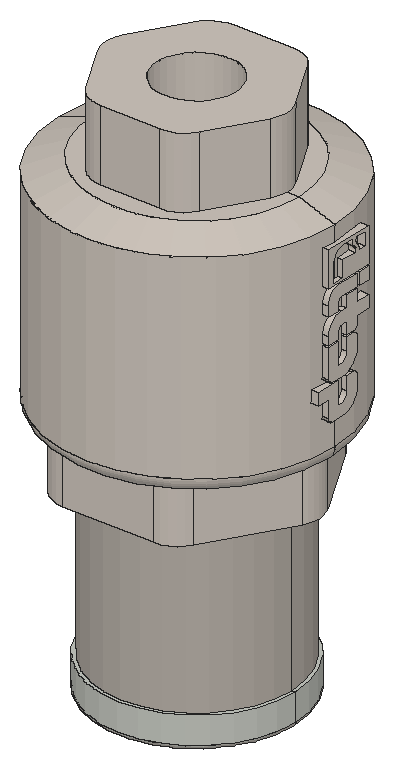
Revit family "108", category Pipe Accessories, Revit 2019
Family settings
  Round Connector Dimension = Use Diameter
  Part Type = Valve - Normal
  OmniClass Number = 23.45.00.00
  OmniClass Title = Sanitary, Laundry, and Cleaning Equipment
  Work Plane-Based = No
  Always vertical = Yes
  Cut with Voids When Loaded = No
  Shared = No
Parameters
  Washer = "NBR"
  URL = "https://www.itap.it/en/products/valves/check-and-foot-valves/108/"
  Strainer = "Polymer and stainless steel AISI 304"
  Spring = "Stainless steel AISI 302"
  Plate = "Polymer"  # constant formula
  Pin = "Polymer"
  Manufacturer = "ITAP S.p.A."  # constant formula
  Model = "108"
  LBS - psi [instance] = size_lookup(CSV, "LBS - psi", 0 mm, DN)  # 174 mm
  Kg/cm2 bar [instance] = size_lookup(CSV, "Kg/cm2 bar", 0 mm, DN)  # 12 mm
  H6 [instance] = size_lookup(CSV, "H6", 0 mm, DN)  # 37.7 mm
  H5 [instance] = size_lookup(CSV, "H5", 0 mm, DN)  # 4 mm
  H4 [instance] = size_lookup(CSV, "H4", 0 mm, DN)  # 7 mm
  H3 [instance] = size_lookup(CSV, "H3", 0 mm, DN)  # 1.7 mm
  D [instance] = size_lookup(CSV, "D", 0 mm, DN)  # 12.5 mm
  Bolt 8 [instance] = not(Bolt 6)  # no
  Bolt 6 [instance] = if(DN < 21 mm, 2 > 1, 2 < 1)  # yes
  Body = Brass CW617N
  Description = "YORK CHECK AND FOOT VALVES"  # constant formula
  DN [instance] = 10 mm
  Code [instance] = size_lookup(CSV, "", "-", DN)  # "1080038"
  CSV = "ITAP"
  B5 [instance] = (B / 2) - 0.6 mm  # 16.9 mm
  B4 [instance] = size_lookup(CSV, "B4", 0 mm, DN)  # 12 mm
  B3 [instance] = size_lookup(CSV, "B3", 0 mm, DN)  # 28 mm
  H2 [instance] = size_lookup(CSV, "H2", 0 mm, DN)  # 9 mm
  B2 [instance] = size_lookup(CSV, "B2", 0 mm, DN)  # 13.1 mm
  B1 [instance] = size_lookup(CSV, "B1", 0 mm, DN)  # 21 mm
  B [instance] = size_lookup(CSV, "B", 0 mm, DN)  # 35 mm
  A [instance] = size_lookup(CSV, "A", 0 mm, DN)  # 69.5 mm
Reference planes
  plane 1 "Centro (Fronte/Retro)": y = 0
  plane 2: z = 0
  plane 3 "Centro (Sinistra/Destra)": x = 0
  plane 4: x = -17.5
  plane 5: x = 17.5
  plane 6: z = 34.75
  plane 7: z = -34.75
  plane 8: x = -10.5
  plane 9: x = 10.5
  plane 10: z = -2.95
  plane 11: x = -12
  plane 12: y = -17.5
  plane 13: y = 17.5
  plane 14: z = 24.05
  plane 15: x = -13.1
  plane 16: z = 25.75
  plane 17: z = -9.95
  plane 18: z = -30.75
  plane 19: x = -12.5
  plane 20: z = 11.4
  plane 21: x = 16.9
  plane 22: x = -5
  plane 23: x = 5
Forms (mm)
  Revolve 1, solid, material "Brass CW617N", detail levels fine
    sketch origin (0, 0, 0) x (1, 0, 0) y (0, 0, 1)
      loop
        line (-17.5, 24.05) -> (-17.5, -1.152)
        arc (-17.5, -1.152) -> (-16.973, -2.423) -> (-15.702, -2.95) r 1.798
        line (-15.702, -2.95) -> (0, -2.95) -> (0, 25.75) -> (-13.1, 25.75) -> (-17.5, 24.05)
      axis (0, 25.75) -> (0, -2.95)
    angle from 0 to 360
  Revolve 2, solid, material "Body MATERIAL", detail levels fine
    sketch origin (0, 0, 0) x (1, 0, 0) y (0, 0, 1)
      loop
        line (-12, -9.95) -> (-12, -30.75) -> (-5, -30.75) -> (-5, -9.95) -> (-12, -9.95)
      axis (0, -30.75) -> (0, -9.95)
    angle from 0 to 360
  Revolve 3, solid, material "Bottom cap", detail levels fine
    sketch origin (0, 0, 0) x (1, 0, 0) y (0, 0, 1)
      loop
        line (-5, -30.75) -> (-12.5, -30.75) -> (-12.5, -34.204)
        arc (-12.5, -34.204) -> (-12.34, -34.59) -> (-11.954, -34.75) r 0.546
        line (-11.954, -34.75) -> (-5, -34.75) -> (-5, -30.75)
      axis (0, -34.75) -> (0, -30.75)
    angle from 0 to 360
Lines and regions (mm)
  model lines, detail levels coarse+medium
    curve 1: line (0, -17.5, 19.737) -> (0, 17.5, 19.737)
    curve 2: line (0, -17.5, 19.737) -> (0, -17.5, -19.737)
    curve 3: line (0, -17.5, -19.737) -> (0, 17.5, -19.737)
    curve 4: line (0, 17.5, 19.737) -> (0, 17.5, -19.737)
    curve 5: line (0, 17.5, -19.737) -> (0, -17.5, 19.737)
    curve 6: line (0, -17.5, 22.75) -> (0, 17.5, 22.75)
    curve 7: line (0, -17.5, -22.75) -> (0, 17.5, -22.75)
    curve 8: line (0, 0, 22.75) -> (0, 0, 34.75)
    curve 9: line (0, 0, -22.75) -> (0, 0, -34.75)
Dimensions and locks
  equal spacing: plane 5, plane 3 "Centro (Sinistra/Destra)", plane 4
  equal spacing: plane 6, level, plane 7
  "B": plane 5 to plane 4
  "A": plane 6 to plane 7
  equal spacing: plane 9, plane 3 "Centro (Sinistra/Destra)", plane 8
  "B1": plane 9 to plane 8
  "B4": plane 3 "Centro (Sinistra/Destra)" to plane 11
  equal spacing: plane 12, plane 1 "Centro (Fronte/Retro)", plane 13
  "B": plane 12 to plane 13
  locked: curve 1 to curve 6 at 3.013
  locked: curve 7 to curve 3 at 3.013
  "B4": curve 6 to plane 6
  "B4": plane 7 to curve 7
  "B2": plane 15 to plane 3 "Centro (Sinistra/Destra)"
  "H3": plane 16 to plane 14
  "H2": plane 6 to plane 16
  "H4": plane 10 to plane 17
  "H5": plane 18 to plane 7
  "D": plane 3 "Centro (Sinistra/Destra)" to plane 19
  "H6": plane 6 to plane 10
  locked: Revolve 3 sketch curve to Revolve 3 sketch curve at 0.772
  locked: Revolve 1 sketch curve to Revolve 1 sketch curve at 2.542
  equal spacing: plane 16, plane 20, plane 10
  "B5": plane 3 "Centro (Sinistra/Destra)" to plane 21
  equal spacing: plane 23, plane 3 "Centro (Sinistra/Destra)", plane 22
  "DN": plane 23 to plane 22
  aligned and locked: level to plane 2
  aligned and locked: Revolve 1 sketch curve to plane 3 "Centro (Sinistra/Destra)"  (x2)
  aligned and locked: Revolve 1 sketch curve to plane 4
  aligned and locked: Revolve 2 sketch curve to plane 11
  aligned and locked: plane 12 to curve 2
  aligned and locked: curve 4 to plane 13
  aligned and locked: plane 6 to curve 8
  aligned and locked: curve 6 to curve 8
  aligned and locked: plane 7 to curve 9
  aligned and locked: plane 15 to Revolve 1 sketch curve
  aligned and locked: plane 14 to Revolve 1 sketch curve
  aligned and locked: plane 10 to Revolve 1 sketch curve
  aligned and locked: Revolve 1 sketch curve to plane 16
  aligned and locked: Revolve 2 sketch curve to plane 18
  aligned and locked: Revolve 2 sketch curve to plane 17
  aligned and locked: plane 18 to Revolve 3 sketch curve
  aligned and locked: Revolve 3 sketch curve to plane 7
  aligned and locked: plane 19 to Revolve 3 sketch curve
  aligned and locked: plane 6 to nested 1
  aligned and locked: plane 10 to nested 2
  aligned and locked: plane 10 to nested 4
  aligned and locked: plane 6 to nested 3
  aligned and locked: nested 5 to plane 1 "Centro (Fronte/Retro)"
  aligned and locked: nested 5 to plane 20
  aligned and locked: plane 22 to Revolve 2 sketch curve
  aligned and locked: Revolve 3 sketch curve to plane 22
  aligned and locked: plane 5 to nested 5
Automatic sketch dimensions
  Revolve 2 sketch curve to plane 3 "Centro (Sinistra/Destra)" = 0 mm
  Revolve 2 sketch curve to Revolve 2 sketch curve = 3.094 mm
  Revolve 2 sketch curve to Revolve 2 sketch curve = 2.75 mm
  curve 7 to plane 12 = 0 mm
  curve 6 to plane 12 = 0 mm
  curve 9 to plane 1 "Centro (Fronte/Retro)" = 0 mm
  curve 8 to plane 1 "Centro (Fronte/Retro)" = 0 mm
  curve 7 to plane 13 = 0 mm
  curve 6 to plane 13 = 0 mm
  level to Revolve 1 sketch curve = 0.048 mm
  Revolve 1 sketch curve to Revolve 1 sketch curve = 1 mm
  Revolve 3 sketch curve to plane 3 "Centro (Sinistra/Destra)" = 0 mm
  Revolve 3 sketch curve to plane 7 = 0.715 mm
  Revolve 3 sketch curve to Revolve 3 sketch curve = 5.594 mm
Nested families
  nested 1: "BOLT6" at (-65.748, -132.31, 25.75) x (0.866, 0.5, 0) z (0, 0, 1), d <- "B1", H <- "H2", visible <- "Bolt 6", body <- "Body", G <- "DN", type "BOLT6", detail levels fine
    with d 21 mm, body Brass CW617N, H 9 mm, G 10 mm
  nested 2: "BOLT6" at (-65.748, -132.31, -9.95) x (0.866, 0.5, 0) z (0, 0, 1), d <- "B3", H <- "H4", visible <- "Bolt 6", body <- "Body", type "BOLT6", detail levels fine
    with d 28 mm, body Brass CW617N, H 7 mm, G 25.57 mm
  nested 3: "BOLT8" at (-11.355, -58.823, 25.75) x (0.9239, 0.3827, 0) z (0, 0, 1), d <- "B1", H <- "H2", visible <- "Bolt 8", Body <- "Body", G <- "DN", type "BOLT8", detail levels fine
    with d 21 mm, H 9 mm, G 10 mm, Body Brass CW617N
  nested 4: "BOLT8" at (-11.355, -58.823, -9.95) x (0.9239, 0.3827, 0) z (0, 0, 1), d <- "B3", H <- "H4", visible <- "Bolt 8", Body <- "Body", G <- "DN", type "BOLT8", detail levels fine
    with d 28 mm, H 7 mm, G 10 mm, Body Brass CW617N
  nested 5: "Symbol" at (17.5, 0, 12.454) x (0, 1, 0) z (0, 0, 1), type "Symbol", detail levels fine
    with Body Brass CW617N
Connectors
  piping at (-0.001, 0, 34.75), diameter 10, driven by "DN"
    settings: on plane 6, index 1, connector inside diameter 609.6 mm, connector length 0 mm, flow factor 0, pipe flow 0.0 L/s, pressure drop 0.0 Pa, fitting loss kfactor 0, connector angle 0.00°, fixture units 0, engagement length 0 mm, angle of deflection 0.00°, flow configuration 0, flow direction 0, fitting loss method 0, system type 28, joint type 0, gender type 0, connector reference index -1, connector utility 0, adjustable connector no, is connector primary yes, connector description ""
Definition of nested family "BOLT6"
  Parameters (values of type "BOLT6")
    body [instance] = none
    H [instance] = 40 mm
    d [instance] = 40 mm
    G [instance] = 25.57 mm
  Reference planes
    plane 1 "Center (Front/Back)": y = 0
    plane 2: z = 0
    plane 3 "Center (Left/Right)": x = 0
    plane 4: z = 40
    plane 5: x = 123.094
    plane 6: y = 81.71
    plane 7: through (105.594, 94.7, 1200) normal (-0.5, 0.866, 0)
    plane 8: through (123.094, 81.71, 1200) normal (-0.5, 0.866, 0)
    plane 9: through (111.245, 51.775, 1200) normal (-0.5, 0.866, 0)
    plane 10: x = 103.094
    plane 11: x = 143.094
    plane 12: through (105.594, 68.72, 1200) normal (0.5, 0.866, 0)
    plane 13: through (106.157, 91.489, 1200) normal (0.5, 0.866, 0)
    plane 14: through (116.157, 108.809, 1200) normal (0.5, 0.866, 0)
    plane 15: x = 121.094
    plane 16: x = 125.094
    plane 17: through (100.245, 70.827, 1200) normal (-0.5, 0.866, 0)
    plane 18: through (102.245, 67.363, 1200) normal (-0.5, 0.866, 0)
    plane 19: through (105.157, 89.757, 1200) normal (0.5, 0.866, 0)
    plane 20: through (107.157, 93.221, 1200) normal (0.5, 0.866, 0)
  Forms (mm)
    Extrusion 1, solid, material <- "body"
      sketch origin (0, 0, 0) x (1, 0, 0) y (0, 1, 0)
        loop
          line (143.094, 72.472) -> (143.094, 90.948)
          arc (143.094, 90.948) -> (142.558, 92.948) -> (141.094, 94.412) r 4
          line (141.094, 94.412) -> (125.094, 103.649)
          arc (125.094, 103.649) -> (123.094, 104.185) -> (121.094, 103.649) r 4
          line (121.094, 103.649) -> (105.094, 94.412)
          arc (105.094, 94.412) -> (103.63, 92.948) -> (103.094, 90.948) r 4
          line (103.094, 90.948) -> (103.094, 72.472)
          arc (103.094, 72.472) -> (103.63, 70.472) -> (105.094, 69.008) r 4
          line (105.094, 69.008) -> (121.094, 59.771)
          arc (121.094, 59.771) -> (123.094, 59.235) -> (125.094, 59.771) r 4
          line (125.094, 59.771) -> (141.094, 69.008)
          arc (141.094, 69.008) -> (142.558, 70.472) -> (143.094, 72.472) r 4
        loop
          circle (123.094, 81.71) r 12.785
      from 0 to 40
  Dimensions and locks
    "H": plane 4 to level
    equal spacing: plane 10, plane 5, plane 11
    equal spacing: plane 7, plane 8, plane 9
    equal spacing: plane 14, plane 13, plane 12
    "d": plane 10 to plane 11
    "d": plane 7 to plane 9
    "d": plane 14 to plane 12
    equal spacing: plane 15, plane 5, plane 16
    locked: plane 15 to plane 16 at 4
    equal spacing: plane 20, plane 13, plane 19
    locked: plane 20 to plane 19 at 4
    equal spacing: plane 17, plane 8, plane 18
    locked: plane 17 to plane 18 at 4
    "G": diameter of Extrusion 1 sketch curve
    aligned and locked: level to plane 2
    aligned and locked: Extrusion 1 to level
    aligned and locked: Extrusion 1 to plane 4
    aligned and locked: plane 7 to Extrusion 1 sketch curve
    aligned and locked: plane 14 to Extrusion 1 sketch curve
    aligned and locked: plane 11 to Extrusion 1 sketch curve
    aligned and locked: Extrusion 1 sketch curve to plane 9
    aligned and locked: Extrusion 1 sketch curve to plane 12
    aligned and locked: plane 10 to Extrusion 1 sketch curve
  Automatic sketch dimensions
    Extrusion 1 sketch curve to plane 20 = 0 mm  (x2)
    Extrusion 1 sketch curve to plane 18 = 0 mm  (x2)
    Extrusion 1 sketch curve to plane 15 = 0 mm  (x2)
    Extrusion 1 sketch curve to plane 5 = 0 mm
    Extrusion 1 sketch curve to plane 16 = 0 mm  (x2)
    Extrusion 1 sketch curve to plane 17 = 0 mm  (x2)
    Extrusion 1 sketch curve to plane 19 = 0 mm  (x2)
    Extrusion 1 sketch curve to plane 6 = 0 mm
    Extrusion 1 sketch curve to Extrusion 1 sketch curve = 3.464 mm  (x2)
Definition of nested family "BOLT8"
  Parameters (values of type "BOLT8")
    d [instance] = 50 mm
    H [instance] = 20 mm
    G [instance] = 32.606 mm
    Body [instance] = none
  Reference planes
    plane 1 "Center (Front/Back)": y = 0
    plane 2: z = 0
    plane 3 "Center (Left/Right)": x = 0
    plane 4: x = 8.002
    plane 5: x = 58.002
    plane 6: y = 75
    plane 7: y = 25
    plane 8: through (33.002, 50, 1222.374) normal (-0.7071, 0.7071, 0)
    plane 9: through (0.324, 52.678, 1222.374) normal (-0.7071, 0.7071, 0)
    plane 10: through (35.679, 17.322, 1222.374) normal (-0.7071, 0.7071, 0)
    plane 11: through (18.002, 65, 1222.374) normal (0.7071, 0.7071, 0)
    plane 12: through (0.324, 47.322, 1222.374) normal (0.7071, 0.7071, 0)
    plane 13: through (35.679, 82.678, 1222.374) normal (0.7071, 0.7071, 0)
    plane 14: y = 50
    plane 15: x = 33.002
    plane 16: z = 20
    plane 17: through (26.788, 65, 1200) normal (0.9239, 0.3827, 0)
    plane 18: through (39.215, 65, 1200) normal (0.9239, -0.3827, 0)
    plane 19: through (48.002, 56.213, 1200) normal (0.3827, -0.9239, 0)
    plane 20: through (48.002, 43.787, 1200) normal (-0.3827, -0.9239, 0)
    plane 21: through (54.483, 38.937, 1200) normal (-0.3827, -0.9239, 0)
    plane 22: through (56.014, 42.633, 1200) normal (-0.3827, -0.9239, 0)
    plane 23: through (69.98, 63.152, 1200) normal (0.3827, -0.9239, 0)
    plane 24: through (68.449, 66.848, 1200) normal (0.3827, -0.9239, 0)
    plane 25: through (41.319, 75.307, 1200) normal (0.9239, -0.3827, 0)
    plane 26: through (45.015, 73.776, 1200) normal (0.9239, -0.3827, 0)
    plane 27: through (25.152, 74.177, 1200) normal (0.9239, 0.3827, 0)
    plane 28: through (21.456, 72.646, 1200) normal (0.9239, 0.3827, 0)
  Forms (mm)
    Extrusion 1, solid, material <- "Body"
      sketch origin (33.002, 50, 22.374) x (1, 0, 0) y (0, 1, 0)
        loop
          arc (-23.469, 11.886) -> (-24.602, 10.191) -> (-25, 8.191) r 5.226
          line (-25, 8.191) -> (-25, -8.191)
          arc (-25, -8.191) -> (-24.602, -10.191) -> (-23.469, -11.886) r 5.226
          line (-23.469, -11.886) -> (-11.886, -23.469)
          arc (-11.886, -23.469) -> (-10.191, -24.602) -> (-8.191, -25) r 5.226
          line (-8.191, -25) -> (8.191, -25)
          arc (8.191, -25) -> (10.191, -24.602) -> (11.886, -23.469) r 5.226
          line (11.886, -23.469) -> (23.469, -11.886)
          arc (23.469, -11.886) -> (24.602, -10.191) -> (25, -8.191) r 5.226
          line (25, -8.191) -> (25, 8.191)
          arc (25, 8.191) -> (24.602, 10.191) -> (23.469, 11.886) r 5.226
          line (23.469, 11.886) -> (11.886, 23.469)
          arc (11.886, 23.469) -> (10.191, 24.602) -> (8.191, 25) r 5.226
          line (8.191, 25) -> (-8.191, 25)
          arc (-8.191, 25) -> (-10.191, 24.602) -> (-11.886, 23.469) r 5.226
          line (-11.886, 23.469) -> (-23.469, 11.886)
        loop
          circle (0, 0) r 16.303
      from -2.374 to -22.374
  Dimensions and locks
    equal spacing: plane 9, plane 8, plane 10
    equal spacing: plane 13, plane 11, plane 12
    equal spacing: plane 6, plane 14, plane 7
    equal spacing: plane 5, plane 15, plane 4
    "d": plane 5 to plane 4
    "d": plane 9 to plane 10
    "d": plane 13 to plane 12
    "d": plane 6 to plane 7
    "H": plane 16 to level
    "G": diameter of Extrusion 1 sketch curve
    aligned and locked: level to plane 2
    aligned and locked: Extrusion 1 sketch curve to plane 6
    aligned and locked: Extrusion 1 sketch curve to plane 4
    aligned and locked: Extrusion 1 sketch curve to plane 12
    aligned and locked: plane 9 to Extrusion 1 sketch curve
    aligned and locked: plane 13 to Extrusion 1 sketch curve
    aligned and locked: plane 5 to Extrusion 1 sketch curve
    aligned and locked: Extrusion 1 sketch curve to plane 10
    aligned and locked: plane 7 to Extrusion 1 sketch curve
    aligned and locked: Extrusion 1 to level
    aligned and locked: plane 16 to Extrusion 1
    aligned and locked: Extrusion 1 sketch curve to plane 21
    aligned and locked: Extrusion 1 sketch curve to plane 22
    aligned and locked: plane 24 to Extrusion 1 sketch curve  (x2)
    aligned and locked: plane 23 to Extrusion 1 sketch curve  (x2)
    aligned and locked: plane 25 to Extrusion 1 sketch curve  (x2)
    aligned and locked: plane 26 to Extrusion 1 sketch curve  (x2)
    aligned and locked: plane 28 to Extrusion 1 sketch curve  (x2)
    aligned and locked: plane 27 to Extrusion 1 sketch curve  (x2)
    aligned and locked: plane 21 to Extrusion 1 sketch curve
    aligned and locked: plane 22 to Extrusion 1 sketch curve
  Automatic sketch dimensions
    Extrusion 1 sketch curve to plane 8 = 0 mm
    Extrusion 1 sketch curve to plane 11 = 0 mm
Definition of nested family "Symbol"
  Parameters (values of type "Symbol")
    Body [instance] = none
  Reference planes
    plane 1 "Center (Front/Back)": y = 0
    plane 2: z = 0
    plane 3 "Center (Left/Right)": x = 0
    plane 4: y = 0
    plane 5: x = 0
  Forms (mm)
    Extrusion 1, solid, material <- "Body"
      sketch origin (-14.683, 0, 1200) x (-1, 0, 0) y (0, 0, 1)
        loop
          line (-19.204, -1194.815) -> (-19.204, -1196.304) -> (-17.731, -1196.304) -> (-17.731, -1194.815) -> (-19.204, -1194.815)
        loop
          line (-17.276, -1194.815) -> (-17.276, -1196.304) -> (-14.909, -1196.304)
          arc (-14.909, -1196.304) -> (-14.5, -1196.474) -> (-14.33, -1196.883) r 0.579
          line (-14.33, -1196.883) -> (-14.33, -1197.824) -> (-12.88, -1197.824) -> (-12.88, -1196.491)
          arc (-12.88, -1196.491) -> (-13.371, -1195.306) -> (-14.556, -1194.815) r 1.676
          line (-14.556, -1194.815) -> (-17.276, -1194.815)
        loop
          line (-19.204, -1198.01) -> (-19.204, -1199.56) -> (-17.276, -1199.56) -> (-17.276, -1200.492)
          arc (-17.276, -1200.492) -> (-17.112, -1200.89) -> (-16.714, -1201.054) r 0.562
          line (-16.714, -1201.054) -> (-15.757, -1201.054) -> (-15.757, -1199.56) -> (-14.892, -1199.56)
          arc (-14.892, -1199.56) -> (-14.495, -1199.724) -> (-14.33, -1200.121) r 0.561
          line (-14.33, -1200.121) -> (-14.33, -1201.054) -> (-12.88, -1201.054) -> (-12.88, -1200.059)
          arc (-12.88, -1200.059) -> (-13.48, -1198.61) -> (-14.929, -1198.01) r 2.049
          line (-14.929, -1198.01) -> (-15.757, -1198.01) -> (-15.757, -1196.55) -> (-17.276, -1196.55) -> (-17.276, -1198.01) -> (-19.204, -1198.01)
        loop
          line (-15.757, -1201.286) -> (-16.709, -1201.286)
          arc (-16.709, -1201.286) -> (-17.11, -1201.452) -> (-17.276, -1201.853) r 0.568
          line (-17.276, -1201.853) -> (-17.276, -1203.122)
          arc (-17.276, -1203.122) -> (-16.587, -1204.786) -> (-14.923, -1205.476) r 2.354
          line (-14.923, -1205.476) -> (-13.451, -1205.476)
          arc (-13.451, -1205.476) -> (-13.047, -1205.308) -> (-12.88, -1204.904) r 0.571
          line (-12.88, -1204.904) -> (-12.88, -1201.286) -> (-14.33, -1201.286) -> (-14.33, -1203.966)
          arc (-14.33, -1203.966) -> (-15.31, -1203.794) -> (-15.757, -1202.905) r 1.108
          line (-15.757, -1202.905) -> (-15.757, -1201.286)
        loop
          line (-15.757, -1205.709) -> (-16.709, -1205.709)
          arc (-16.709, -1205.709) -> (-17.11, -1205.876) -> (-17.276, -1206.277) r 0.568
          line (-17.276, -1206.277) -> (-17.276, -1207.624)
          arc (-17.276, -1207.624) -> (-16.587, -1209.288) -> (-14.923, -1209.977) r 2.354
          line (-14.923, -1209.977) -> (-13.451, -1209.977)
          arc (-13.451, -1209.977) -> (-13.047, -1209.81) -> (-12.88, -1209.406) r 0.571
          line (-12.88, -1209.406) -> (-12.88, -1207.16) -> (-11.235, -1207.16) -> (-11.235, -1205.709) -> (-14.33, -1205.709) -> (-14.33, -1208.468)
          arc (-14.33, -1208.468) -> (-15.31, -1208.296) -> (-15.757, -1207.407) r 1.108
          line (-15.757, -1207.407) -> (-15.757, -1205.709)
        loop
          line (-12.88, -1194.57) -> (-12.88, -1190.223) -> (-19.204, -1190.223) -> (-19.204, -1194.57) -> (-12.88, -1194.57)
        loop
          line (-18.681, -1190.537) -> (-18.681, -1192.305) -> (-17.527, -1192.305)
          arc (-17.527, -1192.305) -> (-17.531, -1191.803) -> (-17.239, -1191.394) r 0.812
          arc (-17.239, -1191.394) -> (-17.047, -1190.965) -> (-17.239, -1190.537) r 0.575
          line (-17.239, -1190.537) -> (-18.681, -1190.537)
        loop
          line (-15.124, -1192.305) -> (-15.124, -1194.377) -> (-13.481, -1194.377) -> (-13.481, -1192.253)
          arc (-13.481, -1192.253) -> (-13.984, -1191.04) -> (-15.197, -1190.537) r 1.715
          line (-15.197, -1190.537) -> (-16.886, -1190.537)
          arc (-16.886, -1190.537) -> (-16.629, -1191.046) -> (-16.886, -1191.555) r 0.632
          arc (-16.886, -1191.555) -> (-17.115, -1191.896) -> (-17.077, -1192.305) r 0.612
          line (-17.077, -1192.305) -> (-15.124, -1192.305)
      from 0.3 to -0.7
  Dimensions and locks
    aligned and locked: level to plane 2
